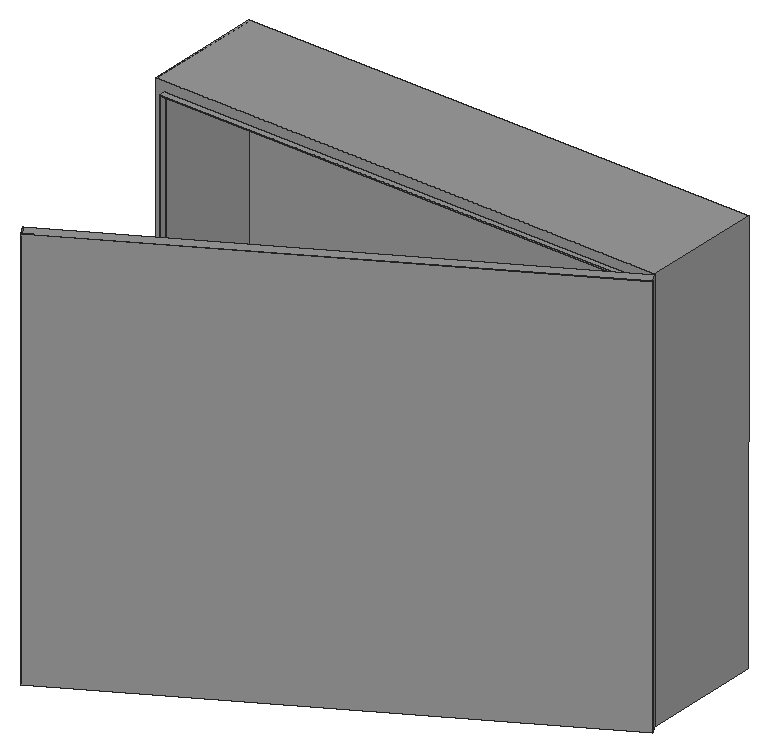
Revit family "Hager-Univers-IP44-D205-H650-Cl.I-encl-NoHosted-DE-de", category Equipement électrique, Revit 2020
Family settings
  Configuration du panneau = Deux colonnes, circuits au sein
  Cote de connecteur circulaire = Utiliser le diamètre
  Type d'élément = Tableau de raccordement
  Basée sur le plan de construction = Oui
  Toujours verticalement = Oui
  Couper avec des vides une fois chargée = Non
  Partagée = Non
  Point de calcul de pièce = Non
Parameters (values of type "Aufputz IP44 B800 H650 T205  - FP43TN2")
  Width Control [instance] = if([EF000008 - Breite] > Min Width, [EF000008 - Breite], Min Width)  # 800 mm
  Commentaires du type = [HG000003 - Bereich]  # "Univers"
  Thickness Door [instance] = if([EF009171 - Materialstärke Tür/Deckel] > 3 mm, 3 mm, [EF009171 - Materialstärke Tür/Deckel])  # 1 mm
  Seal Frame Offset [instance] = 17 mm  # constant formula
  Plinth Visibility [instance] = [HG000027 - Sockelhöhe] > 0 mm  # no
  Min Width [instance] = 100 mm  # constant formula
  Min Depth [instance] = (2 * [EF009170 - Materialstärke Gehäuse]) + 1 mm  # 3 mm
  Min Height [instance] = 100 mm  # constant formula
  Internal Frame Depth [instance] = (Door System Depth * 0.5)  # 9 mm
  Panel Name [instance] = ""  # (empty or 0)
  Model = ""
  HG000027 - Sockelhöhe = 0 mm
  HG000026 - Stehend auf dem Boden = no
  HG000024 - Höhe des unteren Teils = 600 mm
  HG000023 - Gehäuse mit doppeltem Querschnitt = no
  HG000016 - 3D-Türsichtbarkeit [instance] = yes
  HG000015 - Sichtbarkeit der Türöffnung [instance] = no
  HG000014 - Tür rechts [instance] = yes
  HG000013 - Tür links [instance] = not([HG000014 - Tür rechts])  # no
  HG000012 - Türschwenkwinkel [instance] = 30.00°
  HG000010 - Asymmetrische Türen = no
  HG000009 - Doppelflügeligen Tür = no
  HG000006 - Unterputz = no
  HG000004 - Herstellerreferenz = "FP43TN2"
  HG000003 - Bereich = "Univers"
  HG000002 - Mit tür = yes
  Frame Offset Bottom [instance] = 10 mm  # constant formula
  Frame Offset [instance] = 15 mm  # constant formula
  EF015940 - Deckel mit Überdruckentlastung = no
  EF011959 - Schutzart (NEMA) = ""
  EF009554 - Anzahl der Öffnungen für Flanschplatten = 6
  EF009212 - Ausführung Deckel = "EV000116 - geschlossen"
  EF009171 - Materialstärke Tür/Deckel = 1 mm
  EF009170 - Materialstärke Gehäuse = 1 mm
  EF008873 - Nennstrom (In) = 250 A
  EF007800 - Geeignet für Blitzschutz = no
  EF006306 - Mit Schloss = no
  EF006244 - Transparenter Deckel/Tür = no
  EF005474 - Schutzart (IP) = "EV006418 - IP44"
  EF004464 - Art der Tür = "EV002646 - Einzel"
  EF004427 - Anzahl der Module = 144
  EF004293 - Schlagfestigkeit = "EV006815 - IK09"
  EF003532 - Geeignet für Außengebrauch = no
  EF002950 - Breite in Teilungseinheiten = 36
  EF001613 - Funktionserhalt = "EV000494 - ohne"
  EF001596 - Werkstoff des Gehäuses = "EV000179 - Stahl"
  EF001131 - Innentiefe = 205 mm
  EF001088 - Anbaumöglichkeit = yes
  EF000437 - Anzahl der Leitungseinführungen = 6
  EF000339 - Art der Abdeckung = "EV001012 - Deckel"
  EF000266 - Anzahl der Reihen = 4
  EF000218 - Einbautiefe = 205 mm
  EF000118 - Mit Montageplatte = no
  EF000116 - RAL-Nummer = "9010"
  EF000049 - Tiefe = 205 mm
  EF000040 - Höhe = 650 mm
  EF000008 - Breite = 800 mm
  EF000007 - Farbe = "EV000202 - weiß"
  EF000003 - Montageart = "EV000384 - Aufputz"
  Door System Leaf Tolerance [instance] = 1.5 mm  # constant formula
  Door System Depth [instance] = 18 mm  # constant formula
  Door Height [instance] = Height Control - [HG000027 - Sockelhöhe]  # 650 mm
  Description = ""
  Default Elevation = 1219.2 mm
  Connector Offset [instance] = Height Control / 2  # 325 mm
  Fabricant = "Hager"  # constant formula
  Height Control [instance] = if([EF000040 - Höhe] > Min Height, [EF000040 - Höhe], Min Height)  # 650 mm
  Depth Control [instance] = if([EF000049 - Tiefe] > Min Depth, [EF000049 - Tiefe], Min Depth)  # 205 mm
  Bottom Top Plate Trim [instance] = 1.5 mm  # constant formula
  Plinth height Ctrl [instance] = if([HG000027 - Sockelhöhe] > 0 mm, [HG000027 - Sockelhöhe], 12 mm)  # 12 mm
Types (9, lengths in mm): name | Width Control | HG000010 - Asymmetrische Türen | HG000009 - Doppelflügeligen Tür | HG000004 - Herstellerreferenz | EF009554 - Anzahl der Öffnungen für Flanschplatten | EF004464 - Art der Tür | EF004427 - Anzahl der Module | EF002950 - Breite in Teilungseinheiten | EF000437 - Anzahl der Leitungseinführungen | EF000008 - Breite
  Aufputz IP44 B1050 H650 T205  - FP44TN2 | 1050 | no | yes | "FP44TN2" | 8 | "EV003602 - Doppel" | 192 | 48 | 8 | 1050
  Aufputz IP44 B1300 H650 T205  - FP45TN | 1300 | no | yes | "FP45TN" | 10 | "EV003602 - Doppel" | 240 | 60 | 10 | 1300
  Aufputz IP44 B1300 H650 T205  - FP45TN2 | 1300 | yes | yes | "FP45TN2" | 10 | "EV003602 - Doppel" | 240 | 60 | 10 | 1300
  Aufputz IP44 B300 H650 T205  - FP41TN | 300 | no | no | "FP41TN" | 2 | "EV002646 - Einzel" | 48 | 12 | 2 | 300
  Aufputz IP44 B300 H650 T205  - FP41TN2 | 300 | no | no | "FP41TN2" | 2 | "EV002646 - Einzel" | 48 | 12 | 2 | 300
  Aufputz IP44 B550 H650 T205  - FP42TN | 550 | no | no | "FP42TN" | 4 | "EV002646 - Einzel" | 96 | 24 | 4 | 550
  Aufputz IP44 B550 H650 T205  - FP42TN2 | 550 | no | no | "FP42TN2" | 4 | "EV002646 - Einzel" | 96 | 24 | 4 | 550
  Aufputz IP44 B800 H650 T205  - FP43TN | 800 | no | no | "FP43TN" | 6 | "EV002646 - Einzel" | 144 | 36 | 6 | 800
  Aufputz IP44 B800 H650 T205  - FP43TN2 | 800 | no | no | "FP43TN2" | 6 | "EV002646 - Einzel" | 144 | 36 | 6 | 800
Reference planes
  plane 1 "Center (Front/Back)": y = 0
  plane 2: z = 0
  plane 3 "Center (Left/Right)": x = 0
  plane 4: y = 0
  plane 5: y = 0
  plane 6: z = 0
  plane 7: x = -400
  plane 8: x = 400
  plane 9: x = 399
  plane 10: x = -399
  plane 11: z = 0
  plane 12: z = 1
  plane 13: y = -205
  plane 14: y = -1
  plane 15: x = 0
  plane 16: y = -187
  plane 17: y = -204
  plane 18: y = -186
  plane 19: x = -384
  plane 20: x = 384
  plane 21: z = 11
  plane 22: x = -383
  plane 23: x = 383
  plane 24: z = 0
  plane 25: z = 650
  plane 26: z = 650
  plane 27: z = 634
  plane 28: z = 649
Forms (mm)
  Extrusion 1, solid, material "Hager_Steel_RAL7035_Light_Grey", detail levels medium+fine
    sketch origin (-208.679, -4572, 0) x (-1, 0, 0) y (0, -1, 0)
      loop
        line (191.321, -4385) -> (-608.679, -4385) -> (-608.679, -4572) -> (191.321, -4572) -> (191.321, -4385)
    from 0 to 650
  Extrusion 2, void
    sketch origin (-350.771, -205, 1219.2) x (1, 0, 0) y (0, 0, 1)
      loop
        line (-48.229, -570.2) -> (-48.229, -1218.2) -> (749.771, -1218.2) -> (749.771, -570.2) -> (-48.229, -570.2)
    from -19 to -204
  Extrusion 3, void
    sketch origin (-290.084, -187, 1219.2) x (1, 0, 0) y (0, 0, 1)
      loop
        line (-93.916, -1208.2) -> (674.084, -1208.2) -> (674.084, -585.2) -> (-93.916, -585.2) -> (-93.916, -1208.2)
    from 0 to -1
  Extrusion 4, solid, material "Hager_Steel_RAL7035_Light_Grey", visible <- "Plinth Visibility", detail levels medium+fine
    sketch origin (0, 0, 0) x (1, 0, 0) y (0, 1, 0)
      loop
        line (-400, 0) -> (-400, -187) -> (400, -187) -> (400, 0) -> (-400, 0)
    from 0 to 12 <- "Plinth height Ctrl"
  Extrusion 5, solid, material "Hager_Steel_RAL7035_Light_Grey", detail levels coarse
    sketch origin (0, 0, 0) x (1, 0, 0) y (0, 1, 0)
      loop
        line (-400, 0) -> (-400, -205) -> (400, -205) -> (400, 0) -> (-400, 0)
    from 0 to 650 <- "Height Control"
  Sweep 6, void
    path in 3D
      loop
        line (-400, -187, 12) -> (400, -187, 12) -> (400, 0, 12) -> (-400, 0, 12) -> (-400, -187, 12)
    profile origin (-400, -93.5, 12) x (1, 0, 0) y (0, 0, 1)
      loop
        line (0, 0) -> (0, -1.5) -> (1.5, -1.5)
        arc (1.5, -1.5) -> (1.061, -0.439) -> (0, 0) r 1.5
  Extrusion 7, solid, material "Hager_Steel_RAL7035_Light_Grey", detail levels fine
    sketch origin (-400, -187, 0) x (1, 0, 0) y (0, 0, 1)
      loop
        line (16, 11) -> (784, 11) -> (784, 634) -> (16, 634) -> (16, 11)
      loop
        line (15, 10) -> (785, 10) -> (785, 635) -> (15, 635) -> (15, 10)
    from 0 to 9 <- "Internal Frame Depth"
Cuts and joins
  Extrusion 2, Extrusion 3 cuts Extrusion 1
  Sweep 6 cuts Extrusion 4
Lines and regions (mm)
  Masking region 1
    outline origin (0, 0, 0) x (1, 0, 0) y (0, 1, 0)
      loop
        line (-400, 0) -> (-400, -205) -> (400, -205) -> (400, 0) -> (-400, 0)
  Masking region 2, detail levels coarse
    outline origin (-290.084, -187, 1219.2) x (-1, 0, 0) y (0, 0, 1)
      loop
        line (-690.084, -1219.2) -> (109.916, -1219.2) -> (109.916, -569.2) -> (-690.084, -569.2) -> (-690.084, -1219.2)
  Masking region 3, detail levels coarse
    outline origin (0, 0, 0) x (0, 1, 0) y (0, 0, 1)
      loop
        line (0, 0) -> (0, 650) -> (-205, 650) -> (-205, 0) -> (0, 0)
  Masking region 4, visible <- "Plinth Visibility", detail levels medium+fine
    outline origin (0, 0, 0) x (0, 1, 0) y (0, 0, 1)
      loop
        line (-1.5, 12) -> (-185.5, 12)
        arc (-185.5, 12) -> (-185.939, 10.939) -> (-187, 10.5) r 1.5
        line (-187, 10.5) -> (-187, 0) -> (0, 0) -> (0, 10.5)
        arc (0, 10.5) -> (-1.061, 10.939) -> (-1.5, 12) r 1.5
  Masking region 5, detail levels medium+fine
    outline origin (0, 0, 594.038) x (0, 1, 0) y (0, 0, 1)
      loop
        line (0, -594.038) -> (0, 55.962) -> (-187, 55.962) -> (-187, -594.038) -> (0, -594.038)
  Masking region 6, detail levels medium+fine
    outline origin (-359.7, -187, 1211.883) x (-1, 0, 0) y (0, 0, 1)
      loop
        line (-759.7, -1211.883) -> (40.3, -1211.883) -> (40.3, -561.883) -> (-759.7, -561.883) -> (-759.7, -1211.883)
  Masking region 7, visible <- "Plinth Visibility", detail levels medium+fine
    outline origin (-320.334, -187, 1041.368) x (-1, 0, 0) y (0, 0, 1)
      loop
        line (-720.334, -1041.368) -> (79.666, -1041.368) -> (79.666, -1030.868)
        arc (79.666, -1030.868) -> (78.606, -1030.429) -> (78.166, -1029.368) r 1.5
        line (78.166, -1029.368) -> (-718.834, -1029.368)
        arc (-718.834, -1029.368) -> (-719.273, -1030.429) -> (-720.334, -1030.868) r 1.5
        line (-720.334, -1030.868) -> (-720.334, -1041.368)
  sketch lines
    curve 1: line (-400, 0, 12) -> (-400, -187, 12)
    curve 2: line (-400, -187, 12) -> (400, -187, 12)
    curve 3: line (400, 0, 12) -> (-400, 0, 12)
    curve 4: line (400, -187, 12) -> (400, 0, 12)
Dimensions and locks
  locked: plane 1 "Center (Front/Back)" to plane 5
  "EF009170 - Materialstärke Gehäuse": plane 7 to plane 10
  "EF009170 - Materialstärke Gehäuse": plane 8 to plane 9
  equal spacing: plane 7, plane 3 "Center (Left/Right)", plane 8
  "Width Control": plane 7 to plane 8
  "Depth Control": plane 4 to plane 13
  "EF009170 - Materialstärke Gehäuse": plane 4 to plane 14
  "Height Control": plane 25 to level
  "HG000027 - Sockelhöhe": plane 11 to level
  "EF009170 - Materialstärke Gehäuse": plane 12 to plane 11
  "EF009170 - Materialstärke Gehäuse": plane 17 to plane 13
  "EF009170 - Materialstärke Gehäuse": plane 18 to plane 16
  "Frame Offset Bottom": plane 21 to plane 12
  "Frame Offset": plane 10 to plane 19
  "Frame Offset": plane 9 to plane 20
  "Door System Depth": plane 16 to plane 13
  "Seal Frame Offset": plane 7 to plane 22
  "Seal Frame Offset": plane 8 to plane 23
  "EF009170 - Materialstärke Gehäuse": plane 26 to plane 28
  "Frame Offset": plane 28 to plane 27
  "Connector Offset": plane 2 to connector elem
  "Bottom Top Plate Trim": profile plane to Sweep 6 sketch curve
  "Bottom Top Plate Trim": Sweep 6 sketch curve to Sweep 6 sketch curve
  "Plinth height Ctrl": Masking region 4 sketch curve to level
  "Plinth height Ctrl": Masking region 7 sketch curve to level
  "Thickness Door": Extrusion 7 sketch curve to Extrusion 7 sketch curve  (x4)
  "Bottom Top Plate Trim": radius of Sweep 6 sketch curve
  "Bottom Top Plate Trim": radius of Masking region 4 sketch curve  (x2)
  "Bottom Top Plate Trim": radius of Masking region 7 sketch curve  (x2)
  aligned and locked: Extrusion 2 sketch curve to plane 12
  aligned and locked: Extrusion 2 sketch curve to plane 9
  aligned and locked: Extrusion 2 sketch curve to plane 10
  aligned and locked: Extrusion 2 to plane 14
  aligned and locked: Extrusion 1 sketch curve to plane 4
  aligned and locked: plane 8 to Extrusion 1 sketch curve
  aligned and locked: plane 7 to Extrusion 1 sketch curve
  aligned and locked: Extrusion 2 to plane 18
  aligned and locked: Extrusion 3 sketch curve to plane 19
  aligned and locked: plane 20 to Extrusion 3 sketch curve
  aligned and locked: Extrusion 3 to Extrusion 2
  aligned and locked: Extrusion 3 sketch curve to plane 21
  aligned and locked: plane 3 "Center (Left/Right)" to nested 1
  aligned and locked: Extrusion 1 sketch curve to plane 16
  aligned and locked: Extrusion 4 sketch curve to cut or joined group of Extrusion 1, Extrusion 2, Extrusion 3
  aligned and locked: Masking region 1 sketch curve to plane 7
  aligned and locked: Masking region 1 sketch curve to plane 5
  aligned and locked: Masking region 1 sketch curve to plane 8
  aligned and locked: Masking region 2 sketch curve to level
  aligned and locked: level to Masking region 3 sketch curve
  aligned and locked: plane 1 "Center (Front/Back)" to Masking region 3 sketch curve
  aligned and locked: plane 13 to Masking region 3 sketch curve
  aligned and locked: plane 5 to Masking region 4 sketch curve
  aligned and locked: Masking region 2 sketch curve to plane 8
  aligned and locked: Masking region 2 sketch curve to plane 7
  aligned and locked: plane 7 to nested 2
  aligned and locked: nested 2 to plane 5
  aligned and locked: plane 5 to Masking region 5 sketch curve
  aligned and locked: plane 26 to Masking region 5 sketch curve
  aligned and locked: Extrusion 5 sketch curve to plane 8
  aligned and locked: Extrusion 5 sketch curve to plane 7
  aligned and locked: Extrusion 5 sketch curve to plane 5
  aligned and locked: Extrusion 3 sketch curve to plane 27
  aligned and locked: Extrusion 2 sketch curve to plane 28
  aligned and locked: Masking region 2 to plane 25
  aligned and locked: Extrusion 4 to plane 16
  aligned and locked: profile plane to Sweep 6 sketch curve
  aligned and locked: Masking region 5 sketch curve to plane 24
  aligned and locked: level to Masking region 4 sketch curve
  aligned and locked: Masking region 1 to plane 13
  aligned and locked: nested 1 to plane 16
  aligned and locked: Masking region 3 to plane 25
  aligned and locked: plane 16 to Masking region 4 sketch curve
  aligned and locked: Masking region 5 sketch curve to plane 16
  aligned and locked: plane 24 to plane 11
  aligned and locked: plane 26 to plane 25
  aligned and locked: plane 26 to cut or joined group of Extrusion 1, Extrusion 2, Extrusion 3
  aligned and locked: nested 1 to plane 24
  aligned and locked: Extrusion 1 to Extrusion 3
  aligned and locked: Masking region 6 sketch curve to plane 8
  aligned and locked: Masking region 6 sketch curve to plane 24
  aligned and locked: Masking region 6 sketch curve to plane 7
  aligned and locked: Masking region 6 sketch curve to plane 26
  aligned and locked: Masking region 7 sketch curve to plane 7
  aligned and locked: level to Masking region 7 sketch curve
  aligned and locked: Masking region 7 sketch curve to plane 8
  aligned and locked: Extrusion 7 sketch curve to cut or joined group of Extrusion 1, Extrusion 2, Extrusion 3  (x4)
Automatic sketch dimensions
  plane 19 to Extrusion 3 sketch curve = 0 mm
  Extrusion 3 sketch curve to plane 20 = 0 mm
  Extrusion 3 sketch curve to plane 21 = 0 mm
  Extrusion 4 sketch curve to plane 7 = 0 mm
  Extrusion 4 sketch curve to plane 8 = 0 mm
  Extrusion 4 sketch curve to plane 16 = 0 mm
  Masking region 1 sketch curve to plane 13 = 0 mm
  Masking region 2 sketch curve to plane 25 = 0 mm
  Masking region 3 sketch curve to plane 25 = 0 mm
  Extrusion 5 sketch curve to plane 13 = 0 mm
  profile plane to Sweep 6 sketch curve = 0 mm
Nested families
  nested 1: "EC000058_Univers_Door" at (0, -187, 0), Double <- "HG000009 - Doppelflügeligen Tür", Transparent <- "EF006244 - Transparenter Deckel/Tür", Angle <- "HG000012 - Türschwenkwinkel", Door_Right <- "HG000014 - Tür rechts", Assymetrical <- "HG000010 - Asymmetrische Türen", Door <- "HG000002 - Mit tür", Width_Ctrl <- "Width Control", 3d_Door <- "HG000016 - 3D-Türsichtbarkeit", Clearance <- "HG000015 - Sichtbarkeit der Türöffnung", Door_Left <- "HG000013 - Tür links", Width <- "Width Control", Door_Depth <- "Door System Depth", Leaf_Tolerance <- "Door System Leaf Tolerance", Height <- "Door Height", Lock_Visibility <- "EF006306 - Mit Schloss", Thickness <- "Thickness Door", type "EC000058_Univers_Door", detail levels medium+fine
    with min_wh 3 mm, Width_Ctrl 800 mm, Width 800 mm, Transparent no, Thickness 1 mm, Seal_Material Hager_Rubber, Lock_Visibility no, Lock_Material Hager_Plastic_RAL9005_Jet_Black, Leaf_Width 800 mm, Leaf_Tolerance_External_Sides 0 mm, Leaf_Tolerance 1.5 mm, Leaf_Offset 0 mm, Leaf_Height 647 mm, Leaf_2_Width 800 mm, Leaf_2_Offset 400 mm, Leaf_1_Width 800 mm, Leaf_1_Offset 400 mm, Height_Ctrl 650 mm, Height 650 mm, Glass_Material Hager_Glass, Double_Clearance_Ctrl no, Double no, Door_Right_Ctrl yes, Door_Right yes, Door_Material Hager_Steel_RAL7035_Light_Grey, Door_Left_Ctrl no, Door_Left no, Door_Depth 18 mm, Door yes, Clearance_Material Hager_Clearance, Clearance_Depth 800 mm, Clearance_Ctrl no, Clearance no, Assymetrical no, Angle 30.00°, 3d_Door yes
  nested 2: "Hager_Enclosure_Symbol" at (-400, 0, 0), Height <- "Depth Control", Width <- "Width Control", type "Hager_Enclosure_Symbol"
    with Width_Ctrl 800 mm, Width 800 mm, Height_Ctrl 205 mm, Height 205 mm, A_Width_Int 13.453 mm, A_Width 161.438 mm, A_Height_Ctrl 179.375 mm, A_Height 179.375 mm
Connectors
  electrical at (0, 0, 325)
    settings: on plane 1 "Center (Front/Back)", index 1, voltage 0 V, apparent load 0 VA, apparent load phase1 0 VA, apparent load phase2 0 VA, apparent load phase3 0 VA, power factor 1, load classification "Other", number of poles 1, system type 30, power factor state 1, is connector primary yes, connector utility no, sub classification motor no, connector description ""
Definition of nested family "EC000058_Univers_Door"
  Parameters (values of type "EC000058_Univers_Door")
    min_wh [instance] = (2 * Thickness) + 1 mm  # 11 mm
    Width_Ctrl [instance] = 400 mm
    Width [instance] = 500 mm
    Transparent [instance] = yes
    Thickness [instance] = 5 mm
    Seal_Material [instance] = none
    Lock_Visibility [instance] = yes
    Lock_Material [instance] = none
    Leaf_Width [instance] = if((Width_Ctrl - 2 * Leaf_Tolerance_External_Sides) > 0 mm, (Width_Ctrl - 2 * Leaf_Tolerance_External_Sides), min_wh)  # 400 mm
    Leaf_Tolerance_External_Sides [instance] = 0 mm  # constant formula
    Leaf_Tolerance [instance] = 1.5 mm
    Leaf_Offset [instance] = 0 mm  # constant formula
    Leaf_Height [instance] = if((Height_Ctrl - 2 * Leaf_Tolerance) > 0 mm, (Height_Ctrl - 2 * Leaf_Tolerance), min_wh)  # 497 mm
    Leaf_2_Width [instance] = if(and(and(Double, Assymetrical), Door_Left), (Leaf_Width / 3) - (Leaf_Tolerance / 2), if(and(and(Double, Assymetrical), Door_Right), (Leaf_Width / 3) * 2 - (Leaf_Tolerance / 2), if(and(Double, not(Assymetrical)), (Leaf_Width / 2) - Leaf_Tolerance, Leaf_Width)))  # 400 mm
    Leaf_2_Offset [instance] = if(and(Double, Assymetrical), Leaf_2_Width / 2, if(and(Double, not(Assymetrical)), Leaf_Width / 4, Leaf_Width / 2))  # 200 mm
    Leaf_1_Width [instance] = if(and(and(Double, Assymetrical), Door_Right), (Leaf_Width / 3) - (Leaf_Tolerance / 2), if(and(and(Double, Assymetrical), Door_Left), (Width / 3) * 2 - (Leaf_Tolerance / 2), if(and(Double, not(Assymetrical)), (Leaf_Width / 2) - Leaf_Tolerance, Leaf_Width)))  # 400 mm
    Leaf_1_Offset [instance] = if(and(Double, Assymetrical), Leaf_1_Width / 2, if(and(Double, not(Assymetrical)), Leaf_Width / 4, Leaf_Width / 2))  # 200 mm
    Height_Ctrl [instance] = if(Height > min_wh, Height, min_wh)  # 500 mm
    Height [instance] = 500 mm
    Glass_Material [instance] = none
    Double_Clearance_Ctrl [instance] = and(Double, Clearance)  # no
    Double [instance] = no
    Door_Right_Ctrl [instance] = and(or(Door_Right, Double), Door)  # yes
    Door_Right [instance] = yes
    Door_Material [instance] = none
    Door_Left_Ctrl [instance] = and(or(Door_Left, Double), Door)  # no
    Door_Left [instance] = no
    Door_Depth [instance] = 30 mm
    Door [instance] = yes
    Default Elevation = 1219.2 mm
    Clearance_Material [instance] = none
    Clearance_Depth [instance] = if(Leaf_1_Width > Leaf_2_Width, Leaf_1_Width, Leaf_2_Width)  # 400 mm
    Clearance_Ctrl [instance] = and(not(Double), Clearance)  # yes
    Clearance [instance] = yes
    Assymetrical [instance] = yes
    Angle [instance] = 30.00°
    3d_Door [instance] = yes
  Reference planes
    plane 1 "Center (Front/Back)": y = 0
    plane 2 "Bottom": z = 0
    plane 3 "Center (Left/Right)": x = 0
    plane 4: z = 500
    plane 5: x = -200
    plane 6: x = 200
    plane 7: z = 500
    plane 8: x = -200
    plane 9: z = 0
    plane 10: x = 200
    plane 11: y = 0
    plane 12: z = 1.5
    plane 13: x = -600
    plane 14: y = -400
    plane 15: x = 600
    plane 16: x = 0
    plane 17: x = 0
    plane 18: x = -200
    plane 19: x = 200
    plane 20: z = 498.5
  Forms (mm)
    Extrusion 1, solid, material <- "Clearance_Material", visible <- "Double_Clearance_Ctrl"
      sketch origin (1200, 0, 0) x (1, 0, 0) y (0, 0, -1)
        loop
          line (-1800, -498.5) -> (-600, -498.5) -> (-600, 0) -> (-1800, 0) -> (-1800, -498.5)
      from 0 to -400
  Dimensions and locks
    equal spacing: plane 5, plane 3 "Center (Left/Right)", plane 6
    "Width_Ctrl": plane 5 to plane 6
    "Leaf_Offset": plane 5 to plane 8
    "Leaf_Offset": plane 6 to plane 10
    "Leaf_Offset": plane 9 to level
    "Leaf_Offset": plane 4 to plane 7
    "Height_Ctrl": plane 4 to level
    "Leaf_Tolerance": plane 12 to plane 9
    locked: plane 11 to plane 1 "Center (Front/Back)"
    "Leaf_1_Offset": plane 18 to plane 16
    "Leaf_2_Offset": plane 17 to plane 19
    "Leaf_1_Width": plane 13 to plane 8
    "Leaf_2_Width": plane 10 to plane 15
    "Clearance_Depth": plane 14 to plane 1 "Center (Front/Back)"
    "Leaf_Tolerance_External_Sides": plane 8 to plane 18
    "Leaf_Tolerance_External_Sides": plane 19 to plane 10
    "Leaf_Tolerance": plane 7 to plane 20
    aligned and locked: level to plane 2 "Bottom"
    aligned and locked: nested 1 to plane 16
    aligned and locked: nested 2 to plane 17
    aligned and locked: Extrusion 1 to plane 13
    aligned and locked: plane 15 to Extrusion 1
    aligned and locked: Extrusion 1 to plane 14
    aligned and locked: plane 12 to nested 1
    aligned and locked: nested 2 to plane 12
    aligned and locked: Extrusion 1 to plane 11
    aligned and locked: plane 20 to Extrusion 1
    aligned and locked: nested 2 to plane 11
    aligned and locked: nested 1 to plane 11
  Automatic sketch dimensions
    Extrusion 1 sketch curve to level = 0 mm
    plane 5 to Extrusion 1 sketch curve = 400 mm
    plane 6 to Extrusion 1 sketch curve = 400 mm
    Extrusion 1 sketch curve to plane 4 = 1.5 mm
  Nested families
    nested 1: "EC000058_Univers_Door_Leaf" at (0, 0, 1.5), Width <- "Leaf_1_Width", visible <- "Door_Left_Ctrl", Leaf_Height <- "Leaf_Height", Angle <- "Angle", 3d_Door <- "3d_Door", Transparent <- "Transparent", Clearance Material <- "Clearance_Material", Clearance <- "Clearance_Ctrl", Door_Material <- "Door_Material", Glass_Material <- "Glass_Material", Door_Depth <- "Door_Depth", Lock_Material <- "Lock_Material", Seal_Material <- "Seal_Material", Lock_Visibility <- "Lock_Visibility", Thickness <- "Thickness", type "EC000058_Univers_Door_Leaf"
      with Width 400 mm, Transparent_Glass_Offset 30 mm, Transparent_Ctrl yes, Transparent yes, Thickness 5 mm, Standard no, Seal_Material none, Seal_D2 8 mm, Seal_D1 1 mm, Offset_Internal_Frame 10 mm, Lock_Width 20 mm, Lock_Visibility_3d yes, Lock_Visibility yes, Lock_Thickness_3 3 mm, Lock_Thickness_2 1 mm, Lock_Thickness_1 3 mm, Lock_Radius_Offset_2 16 mm, Lock_Radius_Offset_1 15 mm, Lock_Radius_2 5 mm, Lock_Radius 6 mm, Lock_Offset 5 mm, Lock_Material none, Lock_Height 80 mm, Lock_Cover_Top_Offset_2d 17 mm, Lock_Cover_Height -65 mm, Leaf_Height 497 mm, Internal_Seal_Thickness 8 mm, Internal_Seal_Depth_2 4.5 mm, Internal_Frame_Depth 25 mm, Glass_Thickness -1 mm, Glass_Offset -2 mm, Glass_Material none, Door_Material none, Door_Depth 30 mm, Clearance Material none, Clearance yes, Angle_Ctrl 30.00°, Angle 30.00°, 3d_Door yes
    nested 2: "EC000058_Univers_Door_Leaf" at (0, 0, 1.5) x (-1, 0, 0) z (0, 0, 1), Width <- "Leaf_2_Width", visible <- "Door_Right_Ctrl", Leaf_Height <- "Leaf_Height", Angle <- "Angle", 3d_Door <- "3d_Door", Transparent <- "Transparent", Clearance Material <- "Clearance_Material", Clearance <- "Clearance_Ctrl", Door_Material <- "Door_Material", Glass_Material <- "Glass_Material", Door_Depth <- "Door_Depth", Lock_Material <- "Lock_Material", Seal_Material <- "Seal_Material", Lock_Visibility <- "Lock_Visibility", Thickness <- "Thickness", type "EC000058_Univers_Door_Leaf"
      with Width 400 mm, Transparent_Glass_Offset 30 mm, Transparent_Ctrl yes, Transparent yes, Thickness 5 mm, Standard no, Seal_Material none, Seal_D2 8 mm, Seal_D1 1 mm, Offset_Internal_Frame 10 mm, Lock_Width 20 mm, Lock_Visibility_3d yes, Lock_Visibility yes, Lock_Thickness_3 3 mm, Lock_Thickness_2 1 mm, Lock_Thickness_1 3 mm, Lock_Radius_Offset_2 16 mm, Lock_Radius_Offset_1 15 mm, Lock_Radius_2 5 mm, Lock_Radius 6 mm, Lock_Offset 5 mm, Lock_Material none, Lock_Height 80 mm, Lock_Cover_Top_Offset_2d 17 mm, Lock_Cover_Height -65 mm, Leaf_Height 497 mm, Internal_Seal_Thickness 8 mm, Internal_Seal_Depth_2 4.5 mm, Internal_Frame_Depth 25 mm, Glass_Thickness -1 mm, Glass_Offset -2 mm, Glass_Material none, Door_Material none, Door_Depth 30 mm, Clearance Material none, Clearance yes, Angle_Ctrl 30.00°, Angle 30.00°, 3d_Door yes
  Definition of nested family "EC000058_Univers_Door_Leaf"
    Parameters (values of type "EC000058_Univers_Door_Leaf")
      Width [instance] = 2000 mm
      Transparent_Glass_Offset [instance] = 30 mm
      Transparent_Ctrl [instance] = and(Transparent, [3d_Door])  # yes
      Transparent [instance] = yes
      Thickness [instance] = 5 mm
      Standard [instance] = and(not(Transparent), [3d_Door])  # no
      Seal_Material [instance] = none
      Seal_D2 [instance] = 8 mm  # constant formula
      Seal_D1 [instance] = 1 mm  # constant formula
      Offset_Internal_Frame [instance] = 10 mm  # constant formula
      Lock_Width [instance] = 20 mm  # constant formula
      Lock_Visibility_3d [instance] = and(Lock_Visibility, [3d_Door])  # yes
      Lock_Visibility [instance] = yes
      Lock_Thickness_3 [instance] = 3 mm  # constant formula
      Lock_Thickness_2 [instance] = 1 mm  # constant formula
      Lock_Thickness_1 [instance] = 3 mm  # constant formula
      Lock_Radius_Offset_2 [instance] = Lock_Radius_Offset_1 + 1 mm  # 16 mm
      Lock_Radius_Offset_1 [instance] = 15 mm  # constant formula
      Lock_Radius_2 [instance] = Lock_Radius - 1 mm  # 5 mm
      Lock_Radius [instance] = 6 mm  # constant formula
      Lock_Offset [instance] = 5 mm  # constant formula
      Lock_Material [instance] = none
      Lock_Height [instance] = 80 mm  # constant formula
      Lock_Cover_Top_Offset_2d [instance] = Lock_Radius_Offset_2 + 1 mm  # 17 mm
      Lock_Cover_Height [instance] = -(Lock_Height - Lock_Radius_Offset_1)  # -65 mm
      Leaf_Height [instance] = 2720.336 mm
      Internal_Seal_Thickness [instance] = 8 mm  # constant formula
      Internal_Seal_Depth_2 [instance] = 4.5 mm  # constant formula
      Internal_Frame_Depth [instance] = if(Door_Depth - Thickness > 5 mm, Door_Depth - Thickness, 5 mm)  # 25 mm
      Glass_Thickness [instance] = if(Thickness > 15 mm, Glass_Offset + 10 mm, -1 mm)  # -1 mm
      Glass_Offset [instance] = if(Thickness > 15 mm, -(Thickness + 10 mm) / 2, -2 mm)  # -2 mm
      Glass_Material [instance] = none
      Door_Material [instance] = none
      Door_Depth [instance] = 30 mm
      Default Elevation = 0 mm
      Clearance Material [instance] = none
      Clearance [instance] = yes
      Angle_Ctrl [instance] = if(Angle > 180.00°, 180.00°, Angle)  # 90.00°
      Angle [instance] = 90.00°
      3d_Door [instance] = yes
    Reference planes
      plane 1 "Center (Front/Back)": y = 0
      plane 2: z = 0
      plane 3 "Center (Left/Right)": x = 0
      plane 4: y = 2000
      plane 5: x = -1000
      plane 6: x = 1000
      plane 7: x = -3000
      plane 8: z = 2720.336
      plane 9: z = 30
      plane 10: z = 2690.336
      plane 11: x = 970
      plane 12: x = -970
      plane 13: y = -3
      plane 14: z = 107.833
      plane 15: y = -5
      plane 16: y = -223.314
      plane 17: x = -1000
      plane 18: z = 1360.168
      plane 19: y = 30
    Forms (mm)
      Extrusion 1, solid, material <- "Clearance Material", visible <- "Clearance"
        sketch origin (0, 0, 0) x (1, 0, 0) y (0, 0, 1)
          loop
            line (-3000, 2720.336) -> (-3000, 0) -> (1000, 0) -> (1000, 2720.336) -> (-3000, 2720.336)
        from 0 to -2000
      Extrusion 2, solid, material <- "Door_Material", visible <- "Standard", detail levels medium+fine
        sketch origin (-1000, 0, 0) x (0, 1, 0) y (-1, 0, 0)
          loop
            line (0, 30) -> (0, 25) -> (2000, 25) -> (2000, 30) -> (0, 30)
        from 0 to 2720.336 <- "Leaf_Height"
      Extrusion 3, solid, material <- "Door_Material", visible <- "Transparent_Ctrl", detail levels medium+fine
        sketch origin (-1000, 0, 0) x (0, 1, 0) y (-1, 0, 0)
          loop
            line (0, 25) -> (2000, 25) -> (2000, 30) -> (0, 30) -> (0, 25)
        from 0 to 2720.336 <- "Leaf_Height"
      Extrusion 4, void
        sketch origin (-1025, 2000, 0) x (0, 1, 0) y (0, 0, -1)
          loop
            line (-30, -2690.336) -> (-30, -30) -> (-1970, -30) -> (-1970, -2690.336) -> (-30, -2690.336)
        from 0 to 5 <- "Thickness"
      Sweep 5, solid, material <- "Seal_Material", visible <- "Transparent_Ctrl", detail levels fine
        path in 3D
          loop
            line (-1025, 30, 30) -> (-1025, 30, 2690.336) -> (-1025, 1970, 2690.336) -> (-1025, 1970, 30) -> (-1025, 30, 30)
        profile origin (-1025, 1000, 30) x (1, 0, 0) y (0, 0, 1)
          loop
            line (0, 0) -> (0, -8) -> (1, -8) -> (1, 0) -> (0, 0)
      Extrusion 6, solid, material <- "Glass_Material", visible <- "Transparent_Ctrl", detail levels medium+fine
        sketch origin (-1030, 0, 0) x (0, 1, 0) y (0, 0, -1)
          loop
            line (1970, -2690.336) -> (1970, -30) -> (30, -30) -> (30, -2690.336) -> (1970, -2690.336)
        from -2 <- "Glass_Offset" to -1 <- "Glass_Thickness"
      Extrusion 7, solid, material <- "Door_Material", visible <- "3d_Door", detail levels medium+fine
        sketch origin (-1025, 2000, 0) x (0, -1, 0) y (0, 0, -1)
          loop
            line (0, -2720.336) -> (2000, -2720.336) -> (2000, 0) -> (0, 0) -> (0, -2720.336)
          loop
            line (1995, -5) -> (5, -5) -> (5, -2715.336) -> (1995, -2715.336) -> (1995, -5)
        from 0 to 25 <- "Internal_Frame_Depth"
      Sweep 8, solid, material <- "Seal_Material", visible <- "Transparent_Ctrl", detail levels fine
        path in 3D
          loop
            line (-1025, 0, 0) -> (-1025, 2000, 0) -> (-1025, 2000, 2720.336) -> (-1025, 0, 2720.336) -> (-1025, 0, 0)
        profile origin (-1025, 0, 1360.168) x (1, 0, 0) y (0, 1, 0)
          loop
            line (0, 10) -> (2.975, 10)
            arc (2.975, 10) -> (4.053, 10.447) -> (4.5, 11.525) r 1.525
            line (4.5, 11.525) -> (4.5, 16.527)
            arc (4.5, 16.527) -> (4.069, 17.569) -> (3.027, 18) r 1.473
            line (3.027, 18) -> (0, 18) -> (0, 10)
      Extrusion 9, solid, material <- "Lock_Material", visible <- "Lock_Visibility_3d", detail levels fine
        sketch origin (-1030, 0, 0) x (0, 1, 0) y (0, 0, -1)
          loop
            arc (1993.5, -1400.168) -> (1994.561, -1399.729) -> (1995, -1398.668) r 1.5
            line (1995, -1398.668) -> (1995, -1320.168) -> (1975, -1320.168) -> (1975, -1398.668)
            arc (1975, -1398.668) -> (1975.439, -1399.729) -> (1976.5, -1400.168) r 1.5
            line (1976.5, -1400.168) -> (1993.5, -1400.168)
        from 3 <- "Lock_Thickness_1" to 0
      Blend 10, solid, material <- "Lock_Material", visible <- "Lock_Visibility_3d", detail levels fine
        base sketch origin (-1033, 0, 0) x (0, 1, 0) y (0, 0, -1)
          loop
            line (1975, -1320.168) -> (1975, -1398.668)
            arc (1975, -1398.668) -> (1975.439, -1399.729) -> (1976.5, -1400.168) r 1.5
            line (1976.5, -1400.168) -> (1993.5, -1400.168)
            arc (1993.5, -1400.168) -> (1994.561, -1399.729) -> (1995, -1398.668) r 1.5
            line (1995, -1398.668) -> (1995, -1320.168) -> (1975, -1320.168)
        top sketch origin (-1033, 0, 0) x (0, 1, 0) y (0, 0, -1)
          loop
            line (1976, -1320.168) -> (1976, -1398.668)
            arc (1976, -1398.668) -> (1976.146, -1399.022) -> (1976.5, -1399.168) r 0.5
            line (1976.5, -1399.168) -> (1993.5, -1399.168)
            arc (1993.5, -1399.168) -> (1993.854, -1399.022) -> (1994, -1398.668) r 0.5
            line (1994, -1398.668) -> (1994, -1320.168) -> (1976, -1320.168)
        from 0 to 1 <- "Lock_Thickness_2"
      Blend 11, solid, material <- "Lock_Material", visible <- "Lock_Visibility_3d", detail levels fine
        base sketch origin (-1034, 0, 0) x (0, 1, 0) y (0, 0, -1)
          loop
            line (1978, -1320.168) -> (1978, -1384.168)
            arc (1978, -1384.168) -> (1985, -1391.168) -> (1992, -1384.168) r 7
            line (1992, -1384.168) -> (1992, -1320.168) -> (1978, -1320.168)
        top sketch origin (-1034, 0, 0) x (0, 1, 0) y (0, 0, -1)
          loop
            line (1991, -1320.168) -> (1979, -1320.168) -> (1979, -1383.168)
            arc (1979, -1383.168) -> (1985, -1389.168) -> (1991, -1383.168) r 6
            line (1991, -1383.168) -> (1991, -1320.168)
        from 0 to 3 <- "Lock_Thickness_3"
      Extrusion 12, solid, material <- "Lock_Material", visible <- "Lock_Visibility_3d", detail levels fine
        sketch origin (-1030, 1975, 1320.168) x (1, 0, 0) y (0, -1, 0)
          loop
            line (-7, -19) -> (-7, -1) -> (0, -1) -> (0, 0) -> (-8, 0) -> (-8, -20) -> (0, -20) -> (0, -19) -> (-7, -19)
        from 0 to -65 <- "Lock_Cover_Height"
      Extrusion 13, void
        sketch origin (-1038, 1995, 1320.168) x (-1, 0, 0) y (0, 0, -1)
          loop
            line (-5, -65) -> (0, -65) -> (-5, -60) -> (-5, -65)
        from 0 to 20 <- "Lock_Width"
      Extrusion 14, void
        sketch origin (-1038, 1975, 1320.168) x (0, -1, 0) y (0, 0, -1)
          loop
            circle (-10, -15.995) r 6
          loop
            circle (-10, -15.995) r 5
        from 0 to 2
      Extrusion 15, solid, material <- "Lock_Material", visible <- "Lock_Visibility_3d", detail levels medium
        sketch origin (-1030, 0, 0) x (0, 1, 0) y (0, 0, -1)
          loop
            arc (1993.5, -1400.168) -> (1994.561, -1399.729) -> (1995, -1398.668) r 1.5
            line (1995, -1398.668) -> (1995, -1320.168) -> (1975, -1320.168) -> (1975, -1398.668)
            arc (1975, -1398.668) -> (1975.439, -1399.729) -> (1976.5, -1400.168) r 1.5
            line (1976.5, -1400.168) -> (1993.5, -1400.168)
        from 8 to 0
    Cuts and joins
      Extrusion 4 cuts Extrusion 3
      Extrusion 13, Extrusion 14 cuts Extrusion 9
      Extrusion 14 cuts Blend 11
      Extrusion 13, Extrusion 14 cuts Extrusion 12
      joined: Extrusion 9, Blend 10, Blend 11, Extrusion 12
      Extrusion 14 cuts Extrusion 15
    Lines and regions (mm)
      Masking region 1, visible <- "Lock_Visibility", detail levels fine
        outline origin (0, 0, 0) x (0, 1, 0) y (0, 0, 1)
          loop
            line (30, 1320.168) -> (33, 1320.168) -> (33, 1400.168) -> (30, 1400.168) -> (30, 1320.168)
      Masking region 2, visible <- "Lock_Visibility", detail levels fine
        outline origin (0, 3.143, 0) x (0, 1, 0) y (0, 0, 1)
          loop
            line (29.857, 1354.168) -> (30.857, 1354.168) -> (30.857, 1366.168) -> (29.857, 1366.168) -> (29.857, 1354.168)
      Masking region 3, detail levels medium+fine
        outline origin (0, 0, 0) x (0, 1, 0) y (0, 0, 1)
          loop
            line (0, 0) -> (30, 0) -> (30, 2720.336) -> (0, 2720.336) -> (0, 0)
      Masking region 4, detail levels medium+fine
        outline origin (0, 0, 0) x (1, 0, 0) y (0, 0, 1)
          loop
            line (-1000, 2720.336) -> (-1000, 0) -> (1000, 0) -> (1000, 2720.336) -> (-1000, 2720.336)
      Masking region 5, visible <- "Lock_Visibility", detail levels fine
        outline origin (-47.116, 0, 0) x (1, 0, 0) y (0, 0, 1)
          loop
            arc (1024.616, 1399.168) -> (1023.556, 1398.729) -> (1023.116, 1397.668) r 1.5
            line (1023.116, 1397.668) -> (1023.116, 1320.168) -> (1041.116, 1320.168) -> (1041.116, 1397.668)
            arc (1041.116, 1397.668) -> (1040.677, 1398.729) -> (1039.616, 1399.168) r 1.5
            line (1039.616, 1399.168) -> (1024.616, 1399.168)
      Masking region 6, visible <- "Lock_Visibility", detail levels medium+fine
        outline origin (-25, 0, 0) x (1, 0, 0) y (0, 0, 1)
          loop
            arc (1001.5, 1400.168) -> (1000.439, 1399.729) -> (1000, 1398.668) r 1.5
            line (1000, 1398.668) -> (1000, 1320.168) -> (1020, 1320.168) -> (1020, 1398.668)
            arc (1020, 1398.668) -> (1019.561, 1399.729) -> (1018.5, 1400.168) r 1.5
            line (1018.5, 1400.168) -> (1001.5, 1400.168)
      Masking region 7, visible <- "Lock_Visibility", detail levels fine
        outline origin (-73.735, 0, 0) x (1, 0, 0) y (0, 0, 1)
          loop
            line (1051.735, 1382.168) -> (1065.735, 1382.168) -> (1065.735, 1384.168)
            arc (1065.735, 1384.168) -> (1058.735, 1391.168) -> (1051.735, 1384.168) r 7
            line (1051.735, 1384.168) -> (1051.735, 1382.168)
      Masking region 8, visible <- "Lock_Visibility", detail levels fine
        outline origin (-73.735, 0, 0) x (1, 0, 0) y (0, 0, 1)
          loop
            line (1052.735, 1382.168) -> (1064.735, 1382.168) -> (1064.735, 1383.168)
            arc (1064.735, 1383.168) -> (1058.735, 1389.168) -> (1052.735, 1383.168) r 6
            line (1052.735, 1383.168) -> (1052.735, 1382.168)
      Masking region 9, visible <- "Lock_Visibility", detail levels fine
        outline origin (-25, 0, 0) x (1, 0, 0) y (0, 0, 1)
          loop
            line (1020, 1320.168) -> (1020, 1382.168) -> (1000, 1382.168) -> (1000, 1320.168) -> (1020, 1320.168)
      Masking region 10, detail levels medium+fine
        outline origin (0, 0, 0) x (1, 0, 0) y (0, 0, 1)
          loop
            circle (985, 1335.144) r 6
      Masking region 11, detail levels fine
        outline origin (0, 0, 0) x (1, 0, 0) y (0, 0, 1)
          loop
            circle (985, 1335.144) r 5
      Masking region 12, visible <- "Lock_Visibility", detail levels fine
        outline origin (0, 12.767, 0) x (0, 1, 0) y (0, 0, 1)
          loop
            line (20.233, 1320.168) -> (21.233, 1320.168) -> (21.233, 1399.168) -> (20.233, 1400.168) -> (20.233, 1320.168)
      Masking region 13, visible <- "Lock_Visibility", detail levels fine
        outline origin (0, 13.767, -10) x (0, 1, 0) y (0, 0, 1)
          loop
            line (20.233, 1330.168) -> (23.233, 1330.168) -> (23.233, 1399.168) -> (20.233, 1402.168) -> (20.233, 1330.168)
      Masking region 14, visible <- "Lock_Visibility", detail levels fine
        outline origin (0, 12.767, -10) x (0, 1, 0) y (0, 0, 1)
          loop
            line (20.233, 1330.168) -> (25.233, 1330.168) -> (25.233, 1399.305) -> (20.233, 1394.305) -> (20.233, 1330.168)
      Masking region 15, visible <- "Lock_Visibility", detail levels medium
        outline origin (0, 0, 0) x (0, 1, 0) y (0, 0, 1)
          loop
            line (30, 1320.168) -> (38, 1320.168) -> (38, 1400.168) -> (30, 1400.168) -> (30, 1320.168)
      Masking region 16, visible <- "Lock_Visibility", detail levels fine
        outline origin (-1000, 0, 0) x (0, 1, 0) y (-1, 0, 0)
          loop
            line (1975, 30) -> (1995, 30) -> (1995, 38) -> (1975, 38) -> (1975, 30)
          loop
            line (1979, 37) -> (1976, 37) -> (1976, 34) -> (1978, 34) -> (1979, 37)
          loop
            line (1994, 37) -> (1991, 37) -> (1992, 34) -> (1994, 34) -> (1994, 37)
      Masking region 17, visible <- "Lock_Visibility", detail levels medium
        outline origin (-1000, 0, 0) x (0, 1, 0) y (-1, 0, 0)
          loop
            line (1975, 30) -> (1995, 30) -> (1995, 38) -> (1975, 38) -> (1975, 30)
      symbolic lines
        curve 1: line (1000, 0, 0) -> (-3000, 0, 0)
        curve 2: arc (1000, 0, 0) -> (-1000, 2000, 0) -> (-3000, 0, 0) r 2000
        curve 4: line (-1030, 0, 0) -> (-1030, 2000, 0)
      reference lines
        curve 3: line (-1000, 0, 0) -> (-1000, 2000, 0)
      symbolic lines, detail levels medium+fine
        curve 5: line (-1030, 2000, 0) -> (-1025, 2000, 0)
        curve 7: line (-1025, 0, 0) -> (-1030, 0, 0)
        curve 8: line (-1025, 0, 0) -> (-1000, 0, 0)
        curve 9: line (-1000, 0, 0) -> (-1000, 2000, 0)
        curve 10: line (-1000, 2000, 0) -> (-1025, 2000, 0)
      symbolic lines, detail levels fine
        curve 6: line (-1025, 2000, 0) -> (-1025, 0, 0)
      sketch lines
        curve 11: line (-1025, 0, 2720.336) -> (-1025, 0, 0)
        curve 12: line (-1025, 2000, 0) -> (-1025, 0, 0)
        curve 13: line (-1025, 2000, 2720.336) -> (-1025, 2000, 0)
        curve 14: line (-1025, 0, 2720.336) -> (-1025, 2000, 2720.336)
        curve 15: line (-1025, 1970, 30) -> (-1025, 30, 30)
        curve 16: line (-1025, 30, 30) -> (-1025, 30, 2690.336)
        curve 17: line (-1025, 1970, 2690.336) -> (-1025, 1970, 30)
        curve 18: line (-1025, 30, 2690.336) -> (-1025, 1970, 2690.336)
      symbolic lines, visible <- "Transparent", detail levels medium+fine
        curve 19: line (-970, 0, 2690.336) -> (970, 0, 2690.336)
        curve 20: line (-970, 0, 30) -> (-970, 0, 2690.336)
        curve 21: line (970, 0, 30) -> (-970, 0, 30)
        curve 22: line (970, 0, 2690.336) -> (970, 0, 30)
    Dimensions and locks
      "Width": plane 1 "Center (Front/Back)" to plane 4
      equal spacing: plane 5, plane 3 "Center (Left/Right)", plane 6
      "Width": plane 5 to plane 6
      "Width": plane 7 to plane 5
      "Leaf_Height": plane 8 to level
      "Width": curve 5 to curve 3
      "Width": curve 3 to curve 3
      plane 8 to plane 10 = 30 mm
      plane 9 to level = 30 mm
      plane 12 to plane 5 = 30 mm
      plane 6 to plane 11 = 30 mm
      Extrusion 1 to Extrusion 4 sketch curve = 30 mm
      "Transparent_Glass_Offset": curve 3 to Extrusion 4 sketch curve
      "Transparent_Glass_Offset": Extrusion 4 sketch curve to cut or joined group of Extrusion 3, Extrusion 4  (x2)
      cut or joined group of Extrusion 3, Extrusion 4 to Extrusion 6 sketch curve = 30 mm
      "Transparent_Glass_Offset": cut or joined group of Extrusion 3, Extrusion 4 to Extrusion 4 sketch curve
      "Thickness": curve 6 to curve 4
      "Thickness": Extrusion 7 sketch curve to Extrusion 7 sketch curve  (x4)
      "Door_Depth": curve 4 to curve 3
      "Offset_Internal_Frame": profile plane to Sweep 8 sketch curve
      "Internal_Seal_Thickness": Sweep 8 sketch curve to Sweep 8 sketch curve
      "Internal_Seal_Depth_2": profile plane to Sweep 8 sketch curve
      "Seal_D1": profile plane to Sweep 5 sketch curve
      "Seal_D2": profile plane to Sweep 5 sketch curve
      "Thickness": Extrusion 2 sketch curve to Extrusion 2 sketch curve
      equal spacing: Extrusion 9 sketch curve, plane 18, Extrusion 9 sketch curve  (x2)
      equal spacing: Masking region 1 sketch curve, plane 18, Masking region 1 sketch curve
      "Lock_Height": Masking region 1 sketch curve to Masking region 1 sketch curve
      "Lock_Radius": Masking region 2 sketch curve to plane 18 to Masking region 2 sketch curve
      Masking region 2 sketch curve to Masking region 1 = 1 mm
      "Door_Depth": plane 19 to plane 1 "Center (Front/Back)"
      "Lock_Thickness_1": Masking region 1 sketch curve to plane 19
      "Lock_Width": Extrusion 9 sketch curve to Extrusion 9 sketch curve
      "Lock_Height": Extrusion 9 sketch curve to Extrusion 9 sketch curve
      "Lock_Offset": cut or joined group of Extrusion 3, Extrusion 4 to Extrusion 9 sketch curve
      equal spacing: plane 8, plane 18, level
      "Lock_Radius_Offset_1": Blend 11 sketch curve to Blend 10
      locked: Blend 10 to Blend 11 sketch curve at 2  (x2)
      locked: var sketch to Blend 11 sketch curve at 1  (x2)
      "Lock_Radius_Offset_2": Blend 11 sketch curve to Blend 10
      locked: Extrusion 12 sketch curve to Extrusion 12 sketch curve at 1  (x3)
      Masking region 6 sketch curve to Masking region 6 sketch curve = 80 mm
      "Lock_Height": Masking region 6 sketch curve to Masking region 6 sketch curve
      "Lock_Width": Masking region 6 sketch curve to Masking region 6 sketch curve
      locked: Masking region 6 to Masking region 5 sketch curve at 1  (x3)
      locked: Masking region 5 to Masking region 7 sketch curve at 2  (x2)
      "Lock_Radius_Offset_1": Masking region 5 to Masking region 7 sketch curve
      "Lock_Radius_Offset_2": Masking region 5 to Masking region 8 sketch curve
      locked: Masking region 7 to Masking region 8 sketch curve at 1  (x2)
      "Lock_Cover_Top_Offset_2d": Masking region 5 to Masking region 9 sketch curve
      equal spacing: Masking region 9, Masking region 10 sketch curve, Masking region 9
      equal spacing: Masking region 9, Masking region 11 sketch curve, Masking region 9
      Extrusion 15 sketch curve to Extrusion 15 sketch curve = 80 mm
      "Lock_Width": Extrusion 15 sketch curve to Extrusion 15 sketch curve
      "Lock_Height": Extrusion 15 sketch curve to Extrusion 15 sketch curve
      equal spacing: Extrusion 15 sketch curve, plane 18, Extrusion 15 sketch curve
      "Lock_Thickness_3": Masking region 13 sketch curve to Masking region 13 sketch curve
      "Lock_Height": Masking region 12 sketch curve to Masking region 12 sketch curve
      locked: Masking region 13 sketch curve to Masking region 1 at 8
      locked: Masking region 14 sketch curve to Masking region 13 at 1
      locked: Masking region 14 sketch curve to Masking region 1 at 10.863
      "Lock_Height": Masking region 15 sketch curve to Masking region 15 sketch curve
      "Lock_Offset": Extrusion 15 sketch curve to cut or joined group of Extrusion 3, Extrusion 4
      "Lock_Offset": plane 6 to Masking region 6 sketch curve
      radius of Sweep 8 sketch curve = 1.525 mm
      radius of Sweep 8 sketch curve = 1.473 mm
      radius of Extrusion 9 sketch curve = 1.5 mm  (x2)
      "Lock_Radius": radius of Extrusion 14 sketch curve
      "Lock_Radius_2": radius of Extrusion 14 sketch curve
      "Lock_Radius": radius of Masking region 10 sketch curve
      "Lock_Radius_2": radius of Masking region 11 sketch curve
      radius of Extrusion 15 sketch curve = 1.5 mm  (x2)
      "Angle_Ctrl": angle plane 1 "Center (Front/Back)" to curve 3
      locked: Masking region 12 sketch curve to Masking region 12 sketch curve (angle 45.00°)
      locked: Masking region 13 sketch curve to Masking region 13 sketch curve (angle 45.00°)
      locked: Masking region 14 sketch curve to Masking region 14 sketch curve (angle 45.00°)
      aligned and locked: level to plane 2
      aligned and locked: Extrusion 1 to curve 1
      aligned and locked: plane 6 to Extrusion 1
      aligned and locked: Extrusion 1 to plane 1 "Center (Front/Back)"
      aligned and locked: plane 4 to Extrusion 1
      aligned and locked: plane 8 to Extrusion 1
      aligned and locked: curve 7 to Extrusion 2 sketch curve
      aligned and locked: curve 5 to Extrusion 2 sketch curve
      aligned and locked: curve 7 to Extrusion 3 sketch curve
      aligned and locked: Extrusion 3 sketch curve to curve 4
      aligned and locked: Extrusion 3 sketch curve to curve 6
      aligned and locked: Extrusion 3 sketch curve to curve 5
      aligned and locked: curve 9 to curve 3
      aligned and locked: Extrusion 7 sketch curve to cut or joined group of Extrusion 3, Extrusion 4  (x4)
      aligned and locked: plane 17 to curve 3
      aligned and locked: plane 1 "Center (Front/Back)" to curve 3
      aligned and locked: plane 17 to plane 5
      aligned and locked: Sweep 8 sketch curve to profile plane
      aligned and locked: Sweep 5 sketch curve to profile plane  (x2)
      aligned and locked: Masking region 1 to Masking region 2 sketch curve
      aligned and locked: plane 19 to Masking region 1 sketch curve
      aligned and locked: plane 1 "Center (Front/Back)" to Masking region 3 sketch curve
      aligned and locked: plane 19 to Masking region 3 sketch curve
      aligned and locked: level to Masking region 3 sketch curve
      aligned and locked: Masking region 3 sketch curve to plane 8
      aligned and locked: plane 17 to Masking region 4 sketch curve
      aligned and locked: level to Masking region 4 sketch curve
      aligned and locked: Masking region 4 sketch curve to plane 8
      aligned and locked: plane 12 to curve 20
      aligned and locked: plane 10 to curve 19
      aligned and locked: plane 11 to curve 22
      aligned and locked: curve 21 to plane 9
      aligned and locked: Extrusion 2 sketch curve to cut or joined group of Extrusion 3, Extrusion 4
      aligned and locked: Blend 10 sketch curve to Extrusion 9  (x4)
      aligned and locked: Extrusion 9 to Blend 10 sketch curve
      aligned and locked: Blend 10 to Blend 11 sketch curve
      aligned and locked: Extrusion 12 sketch curve to Blend 11
      aligned and locked: Extrusion 12 sketch curve to Extrusion 9  (x4)
      aligned and locked: Masking region 5 sketch curve to Masking region 6
      aligned and locked: Masking region 9 sketch curve to Masking region 6  (x3)
      aligned and locked: Masking region 12 sketch curve to Masking region 1
      aligned and locked: Masking region 13 sketch curve to Masking region 1
      aligned and locked: Masking region 12 to Masking region 14
      aligned and locked: Masking region 14 sketch curve to Masking region 1
      aligned and locked: Masking region 15 sketch curve to Masking region 14
      aligned and locked: Masking region 13 sketch curve to Masking region 12
      aligned and locked: Masking region 16 sketch curve to cut or joined group of Extrusion 14, Extrusion 15  (x4)
      aligned and locked: Masking region 16 sketch curve to cut or joined group of Extrusion 9, Blend 10, Blend 11, Extrusion 12, Extrusion 13, Extrusion 14  (x6)
      aligned and locked: cut or joined group of Extrusion 9, Blend 10, Blend 11, Extrusion 12, Extrusion 13, Extrusion 14 to Masking region 16 sketch curve
      aligned and locked: Masking region 17 sketch curve to cut or joined group of Extrusion 14, Extrusion 15  (x3)
      aligned and locked: Masking region 17 sketch curve to cut or joined group of Extrusion 9, Blend 10, Blend 11, Extrusion 12, Extrusion 13, Extrusion 14
      aligned and locked: Masking region 9 to Masking region 8 sketch curve
      aligned and locked: Masking region 9 to Masking region 7 sketch curve
    Automatic sketch dimensions
      plane 1 "Center (Front/Back)" to curve 2 = 0 mm
      curve 2 to plane 5 = 0 mm
      Extrusion 1 sketch curve to level = 0 mm
      Extrusion 1 sketch curve to plane 7 = 0 mm
      Extrusion 1 sketch curve to plane 6 = 0 mm
      Extrusion 1 sketch curve to plane 8 = 0 mm
      Extrusion 3 to Extrusion 6 sketch curve = 30 mm  (x4)
      Masking region 4 sketch curve to plane 6 = 0 mm
      Blend 10 sketch curve to Extrusion 9 = 1.5 mm
      Blend 10 sketch curve to Extrusion 9 = 1 mm
      Extrusion 13 sketch curve to Extrusion 12 = 0 mm  (x2)
      Extrusion 12 to Extrusion 13 sketch curve = 3 mm
      Extrusion 13 sketch curve to Extrusion 12 = 5 mm
      Extrusion 14 sketch curve to Extrusion 14 sketch curve = 0 mm  (x2)
      Extrusion 14 sketch curve to Extrusion 12 = 10 mm
      Extrusion 14 sketch curve to Extrusion 12 = 15.995 mm
      Masking region 5 sketch curve to Masking region 5 sketch curve = 1.5 mm  (x2)
      Masking region 10 sketch curve to plane 18 = 25.024 mm
      Masking region 11 sketch curve to plane 18 = 25.024 mm
      plane 19 to Masking region 14 sketch curve = 3 mm
      Masking region 16 sketch curve to Masking region 16 sketch curve = 3 mm
      curve 4 to curve 3 = 0 mm
      Blend 10 to Blend 11 sketch curve = 0 mm
      Masking region 6 sketch curve to Masking region 6 sketch curve = 1.5 mm  (x2)
      Masking region 6 sketch curve to plane 18 = 40 mm
      plane 19 to Masking region 12 sketch curve = 3 mm
      Masking region 12 sketch curve to Masking region 12 sketch curve = 1 mm
      Masking region 15 sketch curve to plane 19 = 0 mm
      Masking region 15 sketch curve to plane 18 = 40 mm
      radius of Blend 10 sketch curve to Extrusion 9 = 1 mm
Definition of nested family "Hager_Enclosure_Symbol"
  Parameters (values of type "Hager_Enclosure_Symbol")
    Width_Ctrl [instance] = if(Width > 1 mm, Width, 1 mm)  # 102.27 mm
    Width [instance] = 102.27 mm
    Height_Ctrl [instance] = if(Height > 1 mm, Height, 1 mm)  # 66.5 mm
    A_Width_Int [instance] = if(A_Width / 12 > 2 mm, A_Width / 12, 2 mm)  # 4.364 mm
    A_Width [instance] = if(A_Height_Ctrl * 0.9 > 2 mm, A_Height_Ctrl * 0.9, 2 mm)  # 52.369 mm
    A_Height_Ctrl [instance] = if(A_Height > 2 mm, A_Height, 2 mm)  # 58.188 mm
    Height [instance] = 66.5 mm
    A_Height [instance] = Height - (Height / 8)  # 58.188 mm
  Reference planes
    plane 1 "Centre (avant/arrière)": y = 0
    plane 2: z = 0
    plane 3 "Centre (gauche/droite)": x = 0
    plane 4: x = 52.369
    plane 5: y = 33.042
    plane 6: y = 41.77
    plane 7: y = 66.5
    plane 8: x = 26.184
    plane 9: y = 37.406
    plane 10: x = 102.27
    plane 11: y = 66.5
    plane 12: y = 8.313
  Lines and regions (mm)
    Filled region 1, type "Solid_Black", in view "Niveau de réf."
      outline origin (0, 0, 0) x (1, 0, 0) y (0, 1, 0)
        loop
          line (52.369, 66.5) -> (33.188, 54.536) -> (45.365, 45.006) -> (52.369, 66.5)
    Filled region 2, type "Solid_Black", in view "Niveau de réf."
      outline origin (0, 0, 0) x (1, 0, 0) y (0, 1, 0)
        loop
          line (0, 0) -> (102.27, 0) -> (102.27, 66.5) -> (0, 0)
    detail lines, in view "Niveau de réf."
      curve 1: line (0, 8.313, 0) -> (26.184, 41.77, 0)
      curve 2: line (26.184, 41.77, 0) -> (26.184, 33.042, 0)
      curve 3: line (26.184, 33.042, 0) -> (52.369, 66.5, 0)
  Dimensions and locks
    "A_Width": plane 3 "Centre (gauche/droite)" to plane 4
    equal spacing: plane 3 "Centre (gauche/droite)", plane 8, plane 4
    equal spacing: plane 6, plane 9, plane 5
    equal spacing: curve 3, Filled region 1 sketch curve, Filled region 1 sketch curve
    "Height_Ctrl": plane 1 "Centre (avant/arrière)" to plane 11
    "A_Height_Ctrl": plane 11 to plane 12
    equal spacing: plane 11, plane 9, plane 12
    "A_Width_Int": plane 6 to plane 9
    "Width_Ctrl": plane 3 "Centre (gauche/droite)" to plane 10
    angle Filled region 1 sketch curve to curve 3 = 20.00°
    angle curve 3 to Filled region 1 sketch curve = 20.00°
    locked: curve 3 to Filled region 1 sketch curve (angle 90.00°)
    aligned and locked: plane 10 to Filled region 2
    aligned and locked: plane 11 to Filled region 2 sketch curve
    aligned and locked: plane 10 to Filled region 2 sketch curve
    aligned and locked: plane 3 "Centre (gauche/droite)" to curve 1
    aligned and locked: plane 12 to curve 1
    aligned and locked: plane 7 to plane 11
  Automatic sketch dimensions
    Filled region 1 sketch curve to plane 4 = 0 mm
    Filled region 1 sketch curve to plane 7 = 0 mm
    plane 1 "Centre (avant/arrière)" to Filled region 2 sketch curve = 0 mm
    Filled region 2 sketch curve to plane 3 "Centre (gauche/droite)" = 0 mm
    curve 2 to plane 6 = 0 mm
    curve 2 to plane 8 = 0 mm
    curve 3 to plane 4 = 0 mm
    curve 2 to plane 5 = 0 mm
    curve 3 to plane 7 = 0 mm
